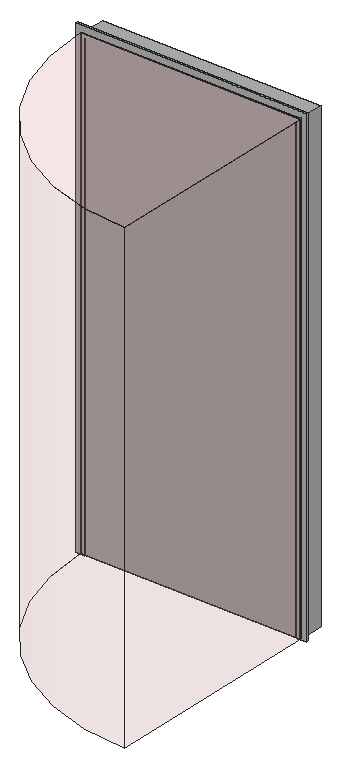
Revit family "ASSA ABLOY - ALPE Sp 60-1, single-leaf, angular frame", category Doors, host Wall, Revit 2021
Family settings
  Host = Wall
  OmniClass Number = 23.30.10.00
  OmniClass Title = Doors
  Always vertical = Yes
  Cut with Voids When Loaded = No
  Shared = No
  Room Calculation Point = No
Parameters (values of type "900 x 2100 (903 x 2109)")
  URL = "https://www.assaabloy.com/pl/pl"
  Type Comments = "Door leaf made of two pressed galvanised steel sheets 1,25mm thick. Filled with mineral wool glued to the sheets with polyurethane adhesive. Door with 3-sided thin rebate."
  Symbol Radius = Door Leaf Width + 9.500 mm  # 1010.200 mm
  Rough Width Real = Width Round + Rough Width Conversion + Rough Width Adjustment  # 997.500 mm
  Rough Width Conversion = 97.500 mm  # constant formula
  Rough Width Adjustment = 0.000 mm  # constant formula
  Rough Height Real = Height Round + Rough Height Conversion + Rough Height Adjustment  # 2141.000 mm
  Rough Height Conversion = 41.000 mm  # constant formula
  Rough Height Adjustment = 0.000 mm  # constant formula
  Opening Zone [instance] = yes
  Model = "Doorset_Steel fireproof door EI60/ Access control_ASSA ABLOY Opening Solutions_Hardware 3D"
  Hinges Material = Default steel
  HW Item 9 = "1x Incedo: Access Control Set_ASSA ABLOY (option)"
  HW Item 8 = "1x HID SIGNO 20: card reader_HID"
  HW Item 10 = "1x 206253: Vercy door stopper, max 120 kg_ASSA ABLOY (option)"
  Frame Finish [instance] = ""
  Fire Rating = "EI60"  # constant formula
  Width Round = roundup((Width / 5.000 mm)) * 5.000 mm  # 900.000 mm
  Thickness = 63.000 mm  # constant formula
  Smoke Rating = "Sa, S200 (optional)"
  Rough Width = Width Round + Rough Width Conversion + Rough Width Adjustment + 2.500 mm  # 1000.000 mm
  Rough Height = Height Round + Rough Height Conversion + Rough Height Adjustment + 9.000 mm  # 2150.000 mm
  Readme = "The actual lintel height is consistent with the Rough Height parameter.\r\nThe final HW Set should be consistent with the function of the door and its  parameters.\r\nHardware mounted on door surface may affect the clear passage opening. For verification, please contact the specification department.\r\nFor the corner door frame installed in a steel structure and plasterboard walls, add 3 cm per each leaf to the width of the Rough Width opening."
  Provider = "ASSA ABLOY Opening Solutions"
  Product Group = "Single-Steel-Access Control"
  Name = "Steel fireproof door EI60/ Access control"
  Min Door Width = 290.000 mm
  Min Door Height = 690.000 mm
  Mechanical Strength = 4
  Max Door Width = 1230.000 mm
  Max Door Height = 2500.000 mm
  Manufacturer = "ASSA ABLOY"  # constant formula
  IfcExportType = "USERDEFINED"
  IfcExportAs = "IfcDoorType"
  Height Round = roundup((Height / 5.000 mm)) * 5.000 mm  # 2100.000 mm
  Hardware Set = "2.1PL"
  HW Item 7 = "1x Handle set_Standard ASSA ABLOY"
  HW Item 6 = "1x SK6 Radius: euro profile cylinder_IKON"
  HW Item 5 = "1x 118F: fail-locked electric strike, FaFix®, narrow style 16mm_EffEff"
  HW Item 4 = "1x N1050: One System mechanical mortice lockcase for fire doors_ASSA ABLOY"
  HW Item 3 = "1x A153: mechanical opening damper_ASSA ABLOY (option)"
  HW Item 2 = "1x G195: door closer guide rail_ASSA ABLOY"
  HW Item 1 = "1x DC700/ DC500: door closer, Cam-Motion®_ASSA ABLOY"
  Function = Interior
  Height = 2100.000 mm
  Wall Closure = By host
  Width = 900.000 mm
  Frame Type = "Welded steel corner frame, made of galvanised sheet 1,5mm thick."
  Frame Material = Default steel
  Family name = "2.1_DOORSET_ALPE Sp 60-1_SINGLE-LEAF_CORNER FRAME_ASSA ABLOY PL"
  Environmental Product Declaration (EPD) = "To be confirmed with Provider"  # constant formula
  Environmental Management System = "To be confirmed with Provider"  # constant formula
  Edition number = "1"
  Door Type = "ALPE Sp 60-1"
  Door Material = Default steel
  Door Leaf Width = Width Round + 100.700 mm + Rough Width Adjustment  # 1000.700 mm
  Door Finish Push Side [instance] = ""
  Door Finish Pull Side [instance] = ""
  Description = "ALPE Sp 60-1, door leaf made of two pressed galvanised steel sheets 1,25mm thick. Filled with mineral wool glued to the sheets with polyurethane adhesive. Door with 3-sided thin rebate. Stainless steel hinges with 3D regulation. Mechanical durability – class C5 according to PN-EN 16034:2014. Mechanical strength – class 4 according to PN-EN 1192:2001. Welded steel corner frame, made of galvanised sheet 1,5mm thick."
  Date of publishing = ""
  Contact Provider = "https://www.assaabloy.com/pl/pl/solutions/topics/bim-specification/contact"
  Brand = "ASSA ABLOY Mercor Doors Sp. z o. o."  # constant formula
  Author = "www.archispace.pl"
Types (7, lengths in mm): name | Symbol Radius | Rough Width Real | Rough Height Real | Width Round | Rough Width | Rough Height | Height Round | Height | Width | Door Leaf Width
  900 x 2100 (903 x 2109) | 1010.200 | 997.500 | 2141.000 | 900.000 | 1000.000 | 2150.000 | 2100.000 | 2100.000 | 900.000 | 1000.700
  290 x 690 (293 x 699) | 400.200 | 387.500 | 731.000 | 290.000 | 390.000 | 740.000 | 690.000 | 690.000 | 290.000 | 390.700
  800 x 2100 (803 x 2109) | 910.200 | 897.500 | 2141.000 | 800.000 | 900.000 | 2150.000 | 2100.000 | 2100.000 | 800.000 | 900.700
  1000 x 2100 (1003 x 2109) | 1110.200 | 1097.500 | 2141.000 | 1000.000 | 1100.000 | 2150.000 | 2100.000 | 2100.000 | 1000.000 | 1100.700
  1100 x 2100 (1103 x 2109) | 1210.200 | 1197.500 | 2141.000 | 1100.000 | 1200.000 | 2150.000 | 2100.000 | 2100.000 | 1100.000 | 1200.700
  1200 x 2100 (1203 x 2109) | 1310.200 | 1297.500 | 2141.000 | 1200.000 | 1300.000 | 2150.000 | 2100.000 | 2100.000 | 1200.000 | 1300.700
  1230 x 2500 (1233 x 2509) | 1340.200 | 1327.500 | 2541.000 | 1230.000 | 1330.000 | 2550.000 | 2500.000 | 2500.000 | 1230.000 | 1330.700
Reference planes
  plane 1: y = 0
  plane 2 "Center (Left/Right)": x = 0
  plane 3: z = 2150
  plane 4 "Exterior": y = 120
  plane 5 "Interior": y = -120
  plane 6: x = -498.75
  plane 7: x = 498.75
  plane 8: z = 2100
  plane 9: y = -51
  plane 10: y = -65
  plane 11: y = -11.5
  plane 12: y = -9
  plane 13: y = -129
  plane 14: x = -481.35
  plane 15: x = 481.35
  plane 16: z = 2123.6
  plane 17: z = 5
  plane 18: y = -137
  plane 19: x = 509.85
  plane 20: x = -500
  plane 21: x = 500
  plane 22: x = -457.75
  plane 23: x = 457.75
  plane 24: z = 2141
  plane 25: z = 152.5
  plane 26: z = 176.5
  plane 27: z = 178
  plane 28: z = 222
  plane 29: z = 223.5
  plane 30: z = 247.5
  plane 31: z = 1883.5
  plane 32: z = 1907.5
  plane 33: z = 1909
  plane 34: z = 1953
  plane 35: z = 1954.5
  plane 36: z = 1978.5
  plane 37: z = 1383.5
  plane 38: z = 1407.5
  plane 39: z = 1409
  plane 40: z = 1453
  plane 41: z = 1454.5
  plane 42: z = 1478.5
Forms (mm)
  Sweep 1, solid, material "Default steel" <- "Frame Material"
    path origin (0, -120, 0) x (1, 0, 0) y (0, 0, 1)
      loop
        line (-498.75, 0) -> (-498.75, 2141) -> (498.75, 2141) -> (498.75, 0)
    profile origin (-498.75, -120, 1070.5) x (-1, 0, 0) y (0, -1, 0)
      loop
        line (30, 0) -> (30, 9) -> (-12, 9) -> (-12, -69) -> (-19, -69) -> (-19, -55) -> (-41, -55) -> (-41, -111) -> (-8, -111) -> (-8, -108.5) -> (0, -108.5) -> (0, 0) -> (30, 0)
  Sweep 2, solid, material "Default steel" <- "Door Material"
    path origin (-5000, -120, 0) x (1, 0, 0) y (0, 0, 1)
      loop
        line (4518.65, 5) -> (4518.65, 2123.6) -> (5481.35, 2123.6) -> (5481.35, 5)
    profile origin (0, -120, 2123.6) x (0, 0, 1) y (0, -1, 0)
      loop
        line (0, 10) -> (19, 10) -> (19, 12.4) -> (0, 12.4) -> (0, 10)
  Sweep 3, solid, material "Default steel" <- "Door Material"
    path origin (-5000, -120, 0) x (1, 0, 0) y (0, 0, 1)
      loop
        line (5000, 5) -> (5000, 2123.6)
    profile origin (0, -120, 1064.3) x (-1, 0, 0) y (0, -1, 0)
      loop
        line (481.35, -50.6) -> (481.35, 12.4) -> (-481.35, 12.4) -> (-481.35, -50.6) -> (481.35, -50.6)
  Sweep 4, solid, material "Opening zone", visible <- "Opening Zone"
    path origin (-4946, 0, 0) x (-1, 0, 0) y (0, 0, 1)
      loop
        line (-5000, 5) -> (-5000, 2142.6)
    profile origin (54, 0, 1073.8) x (1, 0, 0) y (0, 1, 0)
      loop
        line (455.85, -137) -> (-554.35, -137)
        arc (-554.35, -137) -> (-258.469, -851.319) -> (455.85, -1147.2) r 1010.2
        line (455.85, -1147.2) -> (455.85, -137)
Cuts and joins
  joined: Sweep 2, Sweep 3
Lines and regions (mm)
  Masking region 1, detail levels fine
    outline origin (-1177.682, -300, 2052) x (-1, 0, 0) y (0, -1, 0)
      loop
        line (-719.932, -235) -> (-719.932, -291) -> (-686.932, -291) -> (-686.932, -288.5) -> (-678.932, -288.5) -> (-678.932, -180) -> (-648.932, -180) -> (-648.932, -171) -> (-690.932, -171) -> (-690.932, -249) -> (-697.932, -249) -> (-697.932, -235) -> (-719.932, -235)
      loop
        line (-1635.432, -235) -> (-1657.432, -235) -> (-1657.432, -249) -> (-1664.432, -249) -> (-1664.432, -171) -> (-1706.432, -171) -> (-1706.432, -180) -> (-1676.432, -180) -> (-1676.432, -288.5) -> (-1668.432, -288.5) -> (-1668.432, -291) -> (-1635.432, -291) -> (-1635.432, -235)
  Masking region 2, detail levels medium
    outline origin (-1132.682, -300, 2052) x (-1, 0, 0) y (0, -1, 0)
      loop
        line (-633.932, -291) -> (-633.932, -180) -> (-603.932, -180) -> (-603.932, -171) -> (-674.932, -171) -> (-674.932, -291) -> (-633.932, -291)
      loop
        line (-1631.432, -291) -> (-1590.432, -291) -> (-1590.432, -171) -> (-1661.432, -171) -> (-1661.432, -180) -> (-1631.432, -180) -> (-1631.432, -291)
  Masking region 3, detail levels fine
    outline origin (-1132.682, -300, 2052) x (-1, 0, 0) y (0, -1, 0)
      loop
        circle (-1642.532, -163) r 9.5
  Opening 1
    outline origin (-5000, -120, 0) x (1, 0, 0) y (0, 0, 1)
      loop
        line (4500, 2150) -> (4500, 0) -> (5500, 0) -> (5500, 2150) -> (4500, 2150)
  symbolic lines, style "Elevation Swing"
    curve 1: line (-457.75, -120, 1075) -> (457.75, -120, 2100)
    curve 2: line (-457.75, -120, 1075) -> (457.75, -120, 5)
Text (mm)
  text "Exterior" at (-1376.75, 1099.543, 0), in view "Ref. Level"
  text "Exterior" at (0, 1615.38, 3698.081), in view "Left"
  text "Exterior" at (0, 1036.032, 3874.932), in view "Right"
Dimensions and locks
  "Rough Height": plane 3 to host wall
  equal spacing: host wall, curve 2, plane 3
  host wall to plane 3 = 2150.000 mm
  locked: plane 4 "Exterior" to host wall
  locked: plane 5 "Interior" to host wall
  equal spacing: plane 6, plane 2 "Center (Left/Right)", plane 7
  "Rough Width Real": plane 6 to plane 7
  "Height": plane 8 to level
  locked: plane 13 to plane 5 "Interior" at 9
  locked: plane 5 "Interior" to plane 10 at 55
  locked: plane 9 to plane 10 at 14
  locked: plane 11 to plane 9 at 39.5
  locked: plane 12 to plane 11 at 2.5
  locked: Masking region 2 sketch curve to plane 7 at 41
  locked: plane 15 to plane 7 at 17.4
  locked: plane 17 to level at 5
  locked: plane 18 to plane 5 "Interior" at 17
  locked: plane 7 to plane 19 at 11.1
  locked: plane 6 to Masking region 2 sketch curve at 41
  equal spacing: plane 21, plane 2 "Center (Left/Right)", plane 20
  "Rough Width": plane 21 to plane 20
  locked: plane 6 to plane 14 at 17.4
  locked: plane 6 to plane 22 at 41
  locked: plane 23 to plane 7 at 41
  "Rough Height Real": plane 24 to level
  locked: plane 24 to plane 16 at 17.4
  plane 22 to nested 1 = 900.000 mm
  locked: nested 1 to plane 19 at 4.6
  plane 24 to level = 2141.000 mm
  locked: Sweep 2 sketch curve to plane 24 at 1.6
  locked: Sweep 2 sketch curve to Sweep 2 sketch curve at 19
  locked: Masking region 2 sketch curve to plane 22 at 71
  locked: Masking region 2 sketch curve to Masking region 2 sketch curve at 71
  plane 6 to plane 14 = 17.400 mm
  Sweep 1 to Sweep 1 = 42.000 mm
  locked: plane 25 to level at 152.5
  plane 27 to plane 26 to plane 25 = 1.500 mm locked, 24.000 mm locked
  locked: plane 28 to plane 27 at 44
  plane 30 to plane 29 to plane 28 = 24.000 mm locked, 1.500 mm locked
  plane 33 to plane 32 to plane 31 = 1.500 mm locked, 24.000 mm locked
  locked: plane 34 to plane 33 at 44
  plane 36 to plane 35 to plane 34 = 24.000 mm locked, 1.500 mm locked
  locked: plane 8 to plane 36 at 121.5
  plane 39 to plane 38 to plane 37 = 1.500 mm locked, 24.000 mm locked
  locked: plane 40 to plane 39 at 44
  plane 42 to plane 41 to plane 40 = 24.000 mm locked, 1.500 mm locked
  locked: plane 31 to plane 42 at 405
  locked: Sweep 1 sketch curve to Sweep 1 sketch curve at 8
  locked: Sweep 1 sketch curve to Sweep 1 sketch curve at 22
  locked: Sweep 1 sketch curve to Sweep 1 sketch curve at 7
  locked: Sweep 3 sketch curve to Sweep 3 sketch curve at 63
  locked: plane 13 to Sweep 3 sketch curve at 3.4
  "Symbol Radius": radius of Sweep 4 sketch curve
  aligned and locked: plane 1 to host wall
  aligned and locked: level to Sweep 1 sketch curve  (x2)
  aligned and locked: Sweep 1 sketch curve to plane 6
  aligned and locked: plane 7 to Sweep 1 sketch curve
  aligned and locked: plane 2 "Center (Left/Right)" to Sweep 3 sketch curve
  aligned and locked: plane 5 "Interior" to nested 1
  aligned and locked: Masking region 2 sketch curve to plane 6
  aligned and locked: plane 5 "Interior" to Masking region 2 sketch curve
  aligned and locked: Masking region 2 sketch curve to plane 7
  aligned and locked: Masking region 2 sketch curve to plane 5 "Interior"
  aligned and locked: plane 10 to Masking region 1 sketch curve
  aligned and locked: plane 9 to Masking region 1 sketch curve
  aligned and locked: plane 11 to Masking region 1 sketch curve
  aligned and locked: plane 12 to Masking region 1 sketch curve
  aligned and locked: plane 13 to Masking region 1 sketch curve
  aligned and locked: Masking region 1 sketch curve to plane 13
  aligned and locked: Masking region 1 sketch curve to plane 10
  aligned and locked: Masking region 1 sketch curve to plane 9
  aligned and locked: Masking region 1 sketch curve to plane 11
  aligned and locked: Masking region 1 sketch curve to plane 12
  aligned and locked: Sweep 1 sketch curve to plane 13
  aligned and locked: Sweep 1 sketch curve to plane 10
  aligned and locked: Sweep 1 sketch curve to plane 9
  aligned and locked: plane 11 to Sweep 1 sketch curve
  aligned and locked: plane 12 to Sweep 1 sketch curve
  aligned and locked: plane 13 to Masking region 2 sketch curve
  aligned and locked: Masking region 2 sketch curve to plane 12
  aligned and locked: Masking region 2 sketch curve to plane 13
  aligned and locked: plane 12 to Masking region 2 sketch curve
  aligned and locked: plane 14 to Sweep 2 sketch curve
  aligned and locked: Sweep 2 sketch curve to plane 16
  aligned and locked: plane 15 to Sweep 2 sketch curve
  aligned and locked: plane 16 to Sweep 3 sketch curve
  aligned and locked: plane 15 to Sweep 3 sketch curve
  aligned and locked: plane 14 to Sweep 3 sketch curve
  aligned and locked: plane 18 to Masking region 3 sketch curve
  aligned and locked: plane 19 to Masking region 3 sketch curve
  aligned and locked: level to Opening 1 sketch curve
  aligned and locked: plane 3 to Opening 1 sketch curve
  aligned and locked: plane 20 to Opening 1 sketch curve
  aligned and locked: Opening 1 sketch curve to plane 21
  aligned and locked: Sweep 1 sketch curve to plane 24
  aligned and locked: plane 17 to Sweep 2 sketch curve  (x2)
  aligned and locked: plane 17 to Sweep 3 sketch curve
  aligned and locked: plane 17 to Sweep 4 sketch curve
  aligned and locked: plane 23 to curve 2
  aligned and locked: plane 17 to curve 2
  aligned and locked: plane 23 to curve 1
  aligned and locked: plane 8 to curve 1
  aligned and locked: plane 22 to curve 1
  aligned and locked: Masking region 1 sketch curve to plane 22
  aligned and locked: Masking region 1 sketch curve to plane 23
  aligned and locked: Sweep 1 sketch curve to plane 22
  aligned and locked: Sweep 4 sketch curve to plane 19
  aligned and locked: plane 18 to Sweep 4 sketch curve
  aligned and locked: cut or joined group of Sweep 2, Sweep 3 to Sweep 4 sketch curve
  aligned and locked: Masking region 1 sketch curve to Sweep 1  (x6)
Automatic sketch dimensions
  plane 5 "Interior" to Sweep 1 sketch curve = 0.000 mm
  Sweep 1 sketch curve to profile plane = 0.000 mm
  Sweep 1 sketch curve to Sweep 1 sketch curve = 30.000 mm
  profile plane to Sweep 2 sketch curve = 10.000 mm
  Sweep 2 sketch curve to Sweep 2 sketch curve = 2.400 mm
  Masking region 1 sketch curve to plane 7 = 0.000 mm
  Masking region 1 sketch curve to plane 6 = 0.000 mm
  host wall to Masking region 1 sketch curve = 0.000 mm  (x2)
  Masking region 1 sketch curve to plane 15 = 5.400 mm
  Masking region 1 sketch curve to plane 14 = 5.400 mm
  plane 2 "Center (Left/Right)" to Sweep 4 sketch curve = 54.000 mm
  radius of Masking region 3 sketch curve = 9.500 mm
Nested families
  nested 1: "Detail_Door symbol" at (0, -120, 2052), type "Detail_Door symbol"
Definition of nested family "Detail_Door symbol"
  Parameters (values of type "Detail_Door symbol")
    Symbol Radius = Door Leaf Width + 9.500 mm  # 929.250 mm
    Rough Width = 918.000 mm
    Door Leaf Width = 919.750 mm
  Reference planes
    plane 1 "Center (Front/Back)": y = 0
    plane 2: z = 0
    plane 3 "Center (Left/Right)": x = 0
    plane 4: x = -459
    plane 5: x = 459
    plane 6: y = -17
    plane 7: x = 470
    plane 8: x = 463.1
    plane 9: x = 465.5
    plane 10: x = 402.5
    plane 11: y = -26.5
    plane 12: y = -45.5
    plane 13: y = -946.25
    plane 14: y = -927.25
  Lines and regions (mm)
    Filled region 1, type "Solid Fill - White", in view "Ref. Level", detail levels fine
      outline origin (-28.5, 43.059, 0) x (0, 1, 0) y (-1, 0, 0)
        loop
          line (-69.559, -494) -> (-69.559, -491.6) -> (-88.559, -491.6) -> (-88.559, -431) -> (-970.309, -431) -> (-970.309, -491.6) -> (-989.309, -491.6) -> (-989.309, -494) -> (-69.559, -494)
    Filled region 2, type "Solid Fill - White", in view "Ref. Level", detail levels medium
      outline origin (-28.5, 43.059, 0) x (0, 1, 0) y (-1, 0, 0)
        loop
          line (-69.559, -494) -> (-69.559, -431) -> (-989.309, -431) -> (-989.309, -494) -> (-69.559, -494)
    detail lines, in view "Ref. Level"
      curve 1: arc (470, -946.25, 0) -> (-187.079, -674.079, 0) -> (-459.25, -17, 0) r 929.25
    detail lines, in view "Ref. Level", detail levels coarse
      curve 2: line (470, -946.25, 0) -> (470, -17, 0)
  Dimensions and locks
    equal spacing: plane 4, plane 3 "Center (Left/Right)", plane 5
    "Rough Width": plane 4 to plane 5
    locked: plane 5 to plane 7 at 11
    locked: plane 6 to plane 1 "Center (Front/Back)" at 17
    locked: plane 5 to plane 8 at 4.1
    locked: plane 5 to plane 9 at 6.5
    locked: plane 10 to plane 9 at 63
    plane 11 to plane 1 "Center (Front/Back)" = 26.500 mm
    locked: plane 11 to plane 12 at 19
    "Door Leaf Width": plane 11 to plane 13
    locked: plane 14 to plane 13 at 19
    "Symbol Radius": radius of curve 1
    aligned and locked: plane 7 to curve 1
    aligned and locked: Filled region 1 sketch curve to plane 9
    aligned and locked: plane 11 to Filled region 1 sketch curve
    aligned and locked: plane 8 to Filled region 1 sketch curve  (x2)
    aligned and locked: plane 12 to Filled region 1 sketch curve
    aligned and locked: Filled region 1 sketch curve to plane 10
    aligned and locked: Filled region 1 sketch curve to plane 13
    aligned and locked: Filled region 1 sketch curve to plane 14
    aligned and locked: plane 11 to Filled region 2 sketch curve
    aligned and locked: Filled region 2 sketch curve to plane 9
    aligned and locked: Filled region 2 sketch curve to plane 10
    aligned and locked: Filled region 2 sketch curve to plane 13
    aligned and locked: plane 6 to curve 2
    aligned and locked: curve 2 to plane 7
    aligned and locked: plane 6 to curve 1
